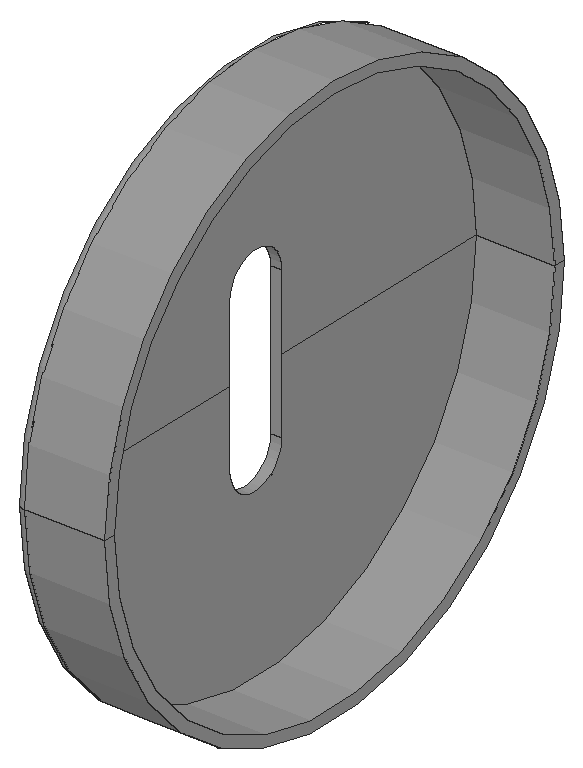
Revit family "DKE 001", category Specialty Equipment, Revit 2013
Parameters (values of type "DKE 001")
  Type Comments = "DORMA DKE 001"
  Model = "DKE 001"
  Manufacturer = "DORMA"
  Description = "DORMA DKE 001"
Reference planes
  plane 1 "Center (Front/Back)": y = 0
  plane 2: z = 0
  plane 3 "Center (Left/Right)": x = 0
  plane 4: z = 25.504
  plane 5: z = -25.49
  plane 6: y = 0
  plane 7: y = 25.5
  plane 8: y = 25.505
  plane 9: y = -25.559
  plane 10: x = -26.617
Forms (mm)
  Revolve 1, solid, material "Matt chrome"
    sketch origin (-18.5, 0, 0) x (0, 1, 0) y (-1, 0, 0)
      loop
        line (0, 8) -> (0, 7) -> (24.505, 7) -> (24.505, 0) -> (25.505, 0) -> (25.505, 7.154)
        arc (25.505, 7.154) -> (25.257, 7.752) -> (24.659, 8) r 0.846
        line (24.659, 8) -> (0, 8)
      axis (0, 8) -> (0, 0)
    angle from 0 to 360
  Sweep 2, void
    path origin (0, 0, 0) x (1, 0, 0) y (0, 1, 0)
      loop
        line (-32.173, 0) -> (-17.173, 0)
    profile origin (-24.673, 0, 0) x (0, 1, 0) y (0, 0, 1)
      loop
        arc (-2.96, -6.7) -> (0, -9.66) -> (2.96, -6.7) r 2.96
        line (2.96, -6.7) -> (2.96, 6.7)
        arc (2.96, 6.7) -> (0, 9.66) -> (-2.96, 6.7) r 2.96
        line (-2.96, 6.7) -> (-2.96, -6.7)
Cuts and joins
  Sweep 2 cuts Revolve 1
Dimensions and locks
  plane 5 to plane 4 = 50.994 mm
  Revolve 1 sketch curve to plane 7 = 25.5 mm
  plane 10 to cut or joined group of Revolve 1, Sweep 2 = 8.117 mm
  plane 9 to plane 8 = 51.064 mm
  aligned and locked: level to plane 2
